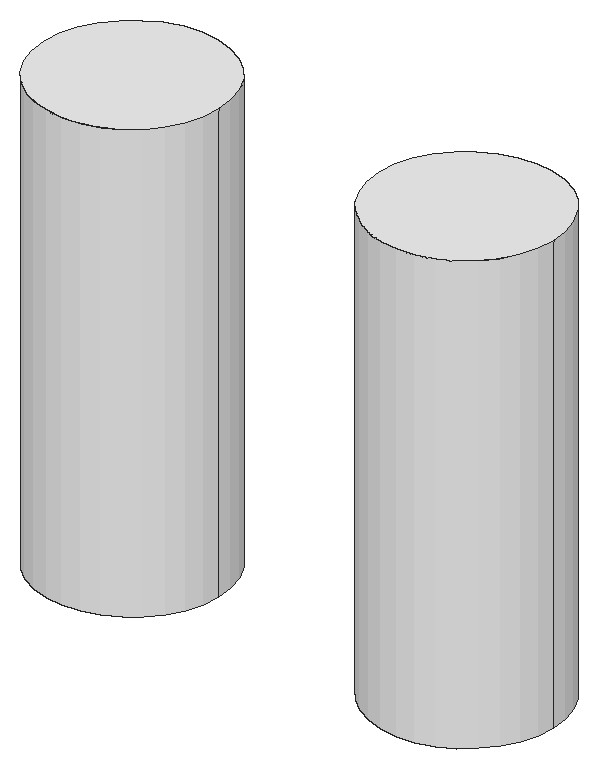
Revit family "514822930037", category Plumbing Fixtures, Revit 2020
Family settings
  Round Connector Dimension = Use Diameter
  Part Type = Normal
  OmniClass Number = 23.45.55.00
  OmniClass Title = Sanitary Faucets, Wastes
  Work Plane-Based = No
  Always vertical = Yes
  Cut with Voids When Loaded = No
  Shared = No
  Room Calculation Point = No
Parameters (values of type "514822930037 Kitchen faucet")
  Working Pressure = "50 - 1000 kPa"
  WarrantyStartDate [instance] = "n/a"
  WarrantyGuarantorParts = "n/a"
  WarrantyGuarantorLabor = "n/a"
  WarrantyDurationUnit = "Year"
  WarrantyDurationParts = "n/a"
  WarrantyDurationLabor = "n/a"
  WarrantyDescription = "http://warranty.hansa.com"
  Warranty Information URL = "http://warranty.hansa.com"
  VersionDate = "01/06/2023"
  Version = "1"
  ValvePattern = "n/a"
  ValveOperation = "n/a"
  ValveMechanism = "n/a"
  Uniclass2015Reference = "Pr_40_20_87_96"
  Uniclass2015Description = "Washbasin manual water supply sets"
  Uniclass2 = "Pr_40_30_96_96"
  URL REACH = "http://static.hansa.com/doc/reach"
  URL Materials Declaration = "http://www.hansa.com/fileadmin/resources/181985_514822930037_materialsdeclaration.pdf"
  URL Global Mark = "http://static.hansa.com/Globalmark/514822930037"
  URL Environmental Product Declaration EPD = "http://www.hansa.com/fileadmin/resources/184519_EPD_Kitchen faucet.pdf"
  URL EcoLabel Declaration = "http://static.hansa.com/doc/EcoLabel"
  URL EU Packaging Declaration = "http://static.hansa.com/doc/packaging"
  URL Declaration of SCIP = "http://static.hansa.com/doc/SCIP"
  URL Declaration of Conformity = "http://static.hansa.com/DoC/514822930037"
  URL Declaration of Asbestos = "http://static.hansa.com/doc/asbestos"
  URL Declaration Of Performance (DOP) = "http://static.hansa.com/doc/DoP"
  URL = ""
  UNSPSC Class Number = "30181700 Faucets or taps"
  Type Comments = ""
  TestPressure = "n/a"
  Temperature Adjustments = "Limitation option for maximum temperature and flow-rate ;Adjustable hot water stop (included, retrofittable)"
  Temperature = "Temperature limiter;Temperature limiter (retrofittable)"
  Technical DataSheet URL = "http://www.hansa.com/datasheet/514822930037/en"
  TagNumber [instance] = "n/a"
  SustainabilityPerformance = "n/a"
  Surface treatment = "Chrome"
  Spout Type = "Swivel spout;Swivel range limiting option"
  Spout Swivel Range = "120°"
  Spout Projection = "216 mm"
  Spare-Part Information URL = "http://static.hansa.com/sp/514822930037"
  Size = "51x255x168 mm"
  Shape = "Sculptured"
  SerialNumber [instance] = "n/a"
  Sales Package dimensions (LxWxH) = "362 x 278 x 63"
  Revision = "n/a"
  ReplacementCost = "n/a"
  ProductInformation = "n/a"
  Product URL = "http://static.hansa.com/514822930037"
  Product Image URL = "http://static.hansa.com/image/514822930037"
  Product Family = "HANSAPOLO "
  Product Code = "514822930037"
  OperatingMechanismMaterial = "n/a"
  NominalWidth = 51 mm
  NominalHeight = 168 mm
  NominalDepth = 255 mm
  Name_en = "514822930037 Kitchen faucet"
  Name = "514822930037 Kitchen faucet"
  NBSReference = "45-35-70/371"
  NBSDescription = "Water supply fittings for wash basins and troughs"
  Mounting Holes = "1 hole"
  ModelReference = "514822930037"
  ModelNumber = "n/a"
  Model = "514822930037 Kitchen faucet"
  Mobile Product Information URL = "http://mpi.hansa.com/514822930037"
  Mechanical Parts = "ø 35 mm ceramic cartridge for flow and temperature control"
  Max. Hot Water Supply = 70 °C
  Material = "Brass"
  Market = "International;Australia"
  ManufacturerURL = "http://www.hansa.com"
  ManufacturerName = "HANSA"
  Manufacturer = "HANSA"
  Lever Handle = "Hot/Cold symbols;Single operating lever/handle"
  Interactive AR View URL = "https://static.hansa.com/AR/514822930037"
  InstallationDate [instance] = "n/a"
  Installation and Maintenance Guide URL = "http://static.hansa.com/manual/514822930037"
  Installation Type = "Deck mounted"
  InletConnectionSize = 12 mm
  IfcExportType = "FAUCET"  # constant formula
  IfcExportAs = "IfcValveType"  # constant formula
  Group = "Kitchen faucet"
  Grade = "n/a"
  FlowCoefficient = 0
  Flow Rate At 300kPa With Flow Controller = 0.12 L/s
  Flow Drawing URL = "http://static.hansa.com/flowchart/514822930037"
  Finish = "Polished"
  Features = "Single-lever"
  FaucetMainMaterial = Brass
  FDV Document URL = "http://www.hansa.com/datasheet/514822930037/en/fdv"
  ExpectedLife = "n/a"
  ETIM Class Number = "EC011431 Kitchen mixing tap"
  EN Standard = "EN 817"
  EAN Number = "4057304002878"
  DurationUnit = "Year"
  Dimension Drawing URL = "http://static.hansa.com/dimdrw/514822930037"
  Description = ""
  DefaultElevation [instance] = 900 mm
  Default Elevation = 0 mm
  Constituents = "n/a"
  Connection Size = "G1/2"
  Connection = "Flexible inlet pipes"
  Color = "Chrome"
  CodePerformance = "n/a"
  CloseOffRating = 0
  Certificate Global Mark = "GM-WM-040199-I02-R00"
  Category = "Kitchen"
  Catalog Drawing URL = "http://static.hansa.com/catdrw/514822930037"
  CO2 Emissions (D) = -5.67
  CO2 Emissions (C4) = 0.3
  CO2 Emissions (C3) = 0.02
  CO2 Emissions (C2) = 0.01
  CO2 Emissions (B7) = 2836.8
  CO2 Emissions (A4) = 0.2
  CO2 Emissions (A1-A3) = 10.02
  Brand = "HANSA"
  BodyMaterial = "Brass"
  Barcode [instance] = "n/a"
  Backflow Prevention EN1717 = "AA"
  BIMObjectName = "514822930037(2020)"
  Author = "BIMStone"
  AssetType = "Fixed"
  AssetIdentifier [instance] = "n/a"
  Aerator = "PCA® - constant flow rate regardless of pressure variations"
  Advanced Features = "Rapid installation system"
  AccessibilityPerformance = "n/a"
  3D View = "https://static.hansa.com/AR/514822930037"
  2D/3D/BIM Files URL = "http://static.hansa.com/bim/514822930037"
Reference planes
  plane 1 "Center (Front/Back)": y = 0
  plane 2: z = 0
  plane 3 "Center (Left/Right)": x = 0
  plane 4: x = -25.5
  plane 5: z = 1068
  plane 6: z = 900
  plane 7: z = 870
  plane 8: y = -255
  plane 9: x = 25.5
Forms (mm)
  Extrusion 1, solid, material "Brass" <- "FaucetMainMaterial"
    sketch origin (0, -3, 0) x (1, 0, 0) y (0, 1, 0)
      loop
        circle (-11.5, -22.5) r 6
      loop
        circle (11.5, -22.5) r 6
    from 870 to 900
  Extrusion 2, solid, material "Brass" <- "FaucetMainMaterial", detail levels medium
    sketch origin (0, 0, 0) x (0, 1, 0) y (0, 0, 1)
      loop
        line (0, 900) -> (0, 1058.08) -> (-61.322, 1065.36) -> (-111.697, 1068)
        arc (-111.697, 1068) -> (-112.791, 1067.626) -> (-113.167, 1066.532) r 1.316
        line (-113.167, 1066.532) -> (-112.909, 1064.448)
        arc (-112.909, 1064.448) -> (-111.629, 1061.855) -> (-109.013, 1060.622) r 4.388
        line (-109.013, 1060.622) -> (-51, 1054.525) -> (-51, 993.034)
        arc (-51, 993.034) -> (-52.761, 993.574) -> (-54.465, 994.275) r 19.937
        line (-54.465, 994.275) -> (-135.431, 1032.03)
        arc (-135.431, 1032.03) -> (-162.315, 1042.283) -> (-190.393, 1048.572) r 200
        line (-190.393, 1048.572) -> (-248.818, 1057.304)
        arc (-248.818, 1057.304) -> (-251.086, 1056.882) -> (-252.314, 1054.93) r 2.875
        line (-252.314, 1054.93) -> (-255, 1037.009) -> (-252.234, 1036.594) -> (-252.899, 1032.154) -> (-229.163, 1028.596) -> (-228.347, 1034.037) -> (-193.277, 1028.781)
        arc (-193.277, 1028.781) -> (-168.045, 1023.121) -> (-143.883, 1013.904) r 180
        line (-143.883, 1013.904) -> (-51, 970.592) -> (-51, 900) -> (0, 900)
    from 25.5 to -25.5
  Extrusion 3, solid, material "Brass", detail levels coarse
    sketch origin (0, 0, 0) x (1, 0, 0) y (0, 1, 0)
      loop
        line (-25.5, 0) -> (-25.5, -255) -> (25.5, -255) -> (25.5, 0) -> (-25.5, 0)
    from 900 to 1068
Lines and regions (mm)
  symbolic lines, detail levels medium+fine
    curve 1: line (0, 0, 900) -> (0, -51, 900)
    curve 2: line (0, -51, 900) -> (0, -51, 947.5)
    curve 3: line (0, -50.702, 970.453) -> (0, -143.883, 1013.904)
    curve 4: arc (0, -143.883, 1013.904) -> (0, -168.045, 1023.121) -> (0, -193.277, 1028.781) r 180
    curve 5: line (0, -193.277, 1028.781) -> (0, -225.171, 1033.561)
    curve 6: line (0, -229.163, 1028.596) -> (0, -228.497, 1033.037)
    curve 7: line (0, -252.234, 1036.594) -> (0, -252.899, 1032.154)
    curve 8: line (0, -252.899, 1032.154) -> (0, -229.163, 1028.596)
    curve 10: line (0, -225.321, 1032.561) -> (0, -225.171, 1033.561)
    curve 11: line (0, -252.234, 1036.594) -> (0, -255, 1037.009)
    curve 12: line (0, -255, 1037.009) -> (0, -252.314, 1054.93)
    curve 13: arc (0, -252.314, 1054.93) -> (0, -251.086, 1056.882) -> (0, -248.818, 1057.304) r 2.875
    curve 14: line (0, -248.818, 1057.304) -> (0, -190.393, 1048.572)
    curve 15: arc (0, -190.393, 1048.572) -> (0, -162.315, 1042.283) -> (0, -135.431, 1032.03) r 200
    curve 16: line (0, -135.431, 1032.03) -> (0, -54.465, 994.275)
    curve 17: arc (0, -54.465, 994.275) -> (0, -52.475, 993.474) -> (0, -50.41, 992.892) r 19.937
    curve 18: line (0, -50.007, 1023.96) -> (0, -50.41, 992.892)
    curve 19: line (0, -50.702, 970.453) -> (0, -51, 947.5)
    curve 20: line (0, 0, 900) -> (0, 0, 947.5)
    curve 21: line (0, -0.993, 1023.96) -> (0, 0, 947.5)
    curve 23: line (0, -228.497, 1033.037) -> (0, -225.321, 1032.561)
    curve 24: line (0, -0.993, 1023.96) -> (0, -2.721, 1023.96)
    curve 25: line (0, -49.846, 1026.8) -> (0, -48.006, 1026.8)
    curve 27: line (0, -48.304, 1023.96) -> (0, -48.006, 1026.8)
    curve 28: arc (0, -6.504, 1035.604) -> (0, -3.769, 1030.056) -> (0, -2.721, 1023.96) r 21.584
    curve 29: line (0, -49.846, 1026.8) -> (0, -48.267, 1049.382)
    curve 30: arc (0, -48.267, 1049.382) -> (0, -49.483, 1053.016) -> (0, -52.912, 1054.725) r 5.006
    curve 31: line (0, -52.912, 1054.725) -> (0, -109.013, 1060.622)
    curve 32: arc (0, -109.013, 1060.622) -> (0, -111.629, 1061.855) -> (0, -112.909, 1064.448) r 4.388
    curve 33: line (0, -112.909, 1064.448) -> (0, -113.167, 1066.532)
    curve 34: arc (0, -113.167, 1066.532) -> (0, -112.791, 1067.626) -> (0, -111.697, 1068) r 1.316
    curve 35: line (0, -111.697, 1068) -> (0, -61.322, 1065.36)
    curve 36: line (0, -61.322, 1065.36) -> (0, -4.446, 1058.607)
    curve 37: arc (0, -4.446, 1058.607) -> (0, -3.316, 1057.974) -> (0, -2.965, 1056.728) r 1.691
    curve 38: line (0, -2.965, 1056.728) -> (0, -1.647, 1037.869)
    curve 39: line (0, -6.504, 1035.604) -> (0, -1.647, 1037.869)
    curve 41: line (0, -48.304, 1023.96) -> (0, -50.007, 1023.96)
    curve 43: line (25.5, 0, 900) -> (-25.5, 0, 900)
    curve 44: line (-25.5, 0, 900) -> (-25.5, 0, 947.56)
    curve 45: line (-25.5, 0, 947.56) -> (-24.495, 0, 1023.96)
    curve 46: line (-24.362, 0, 1026.797) -> (-22.506, 0, 1026.797)
    curve 47: line (-24.495, 0, 1023.96) -> (-22.754, 0, 1023.96)
    curve 48: line (-24.362, 0, 1026.797) -> (-21.794, 0, 1058.814)
    curve 49: arc (-21.794, 0, 1058.814) -> (-21.406, 0, 1059.899) -> (-20.524, 0, 1060.641) r 2.211
    curve 50: arc (-20.524, 0, 1060.641) -> (-18.448, 0, 1061.525) -> (-16.319, 0, 1062.269) r 33.994
    curve 51: arc (-16.319, 0, 1062.269) -> (-15.779, 0, 1062.579) -> (-15.419, 0, 1063.089) r 1.442
    curve 52: arc (-15.419, 0, 1063.089) -> (-13.815, 0, 1065.638) -> (-11.468, 0, 1067.527) r 9.139
    curve 53: arc (-11.468, 0, 1067.527) -> (-10.657, 0, 1067.864) -> (-9.789, 0, 1068) r 3.707
    curve 54: line (-9.789, 0, 1068) -> (0, 0, 1068)
    curve 55: line (-22.506, 0, 1026.797) -> (-22.754, 0, 1023.96)
    curve 59: line (25.5, 0, 900) -> (25.5, 0, 947.56)
    curve 60: line (25.5, 0, 947.56) -> (24.495, 0, 1023.96)
    curve 61: line (24.362, 0, 1026.797) -> (22.506, 0, 1026.797)
    curve 62: line (24.495, 0, 1023.96) -> (22.754, 0, 1023.96)
    curve 63: line (24.362, 0, 1026.797) -> (21.794, 0, 1058.814)
    curve 64: arc (21.794, 0, 1058.814) -> (21.406, 0, 1059.899) -> (20.524, 0, 1060.641) r 2.211
    curve 65: arc (20.524, 0, 1060.641) -> (18.448, 0, 1061.525) -> (16.319, 0, 1062.269) r 33.994
    curve 66: arc (16.319, 0, 1062.269) -> (15.779, 0, 1062.579) -> (15.419, 0, 1063.089) r 1.442
    curve 67: arc (15.419, 0, 1063.089) -> (13.815, 0, 1065.638) -> (11.468, 0, 1067.527) r 9.139
    curve 68: arc (11.468, 0, 1067.527) -> (10.657, 0, 1067.864) -> (9.789, 0, 1068) r 3.707
    curve 69: line (9.789, 0, 1068) -> (0, 0, 1068)
    curve 70: line (22.506, 0, 1026.797) -> (22.754, 0, 1023.96)
    curve 83: line (-15, -239.534, 0) -> (-15, -59.645, 0)
    curve 84: line (15, -239.534, 0) -> (15, -59.645, 0)
    curve 85: spline (-15, -239.534, 0) -> (-14.489, -243.537, 0) -> (-12.99, -247.267, 0) -> (-10.607, -250.47, 0) -> (-7.5, -252.928, 0) -> (-3.882, -254.473, 0) -> (0, -255, 0) -> (3.882, -254.473, 0) -> (7.5, -252.928, 0) -> (10.607, -250.47, 0) -> (12.99, -247.267, 0) -> (14.489, -243.537, 0) -> (15, -239.534, 0)
    curve 91: arc (-15.824, -46.935, 0) -> (-15.892, -46.144, 0) -> (-15.994, -45.357, 0) r 18.815
    curve 95: arc (15.832, -46.938, 0) -> (15.9, -46.152, 0) -> (16.001, -45.369, 0) r 18.811
    curve 96: line (-15, -59.645, 0) -> (-15.824, -46.935, 0)
    curve 97: line (15, -59.645, 0) -> (15.832, -46.938, 0)
    curve 98: arc (16.001, -45.369, 0) -> (0.021, -0.018, 0) -> (-15.994, -45.357, 0) r 25.494
  symbolic lines, detail levels fine
    curve 9: line (0, -252.234, 1036.594) -> (0, -228.497, 1033.037)
    curve 22: line (0, 0, 947.5) -> (0, -51, 947.5)
    curve 26: line (0, -25.383, 1026.8) -> (0, -6.504, 1035.604)
    curve 40: line (0, -48.006, 1026.8) -> (0, -25.383, 1026.8)
    curve 42: line (0, -2.721, 1023.96) -> (0, -48.304, 1023.96)
    curve 56: line (-15, 0, 970.474) -> (-15, 0, 1054.085)
    curve 57: line (-22.506, 0, 1026.797) -> (-15, 0, 1026.797)
    curve 58: line (-22.754, 0, 1023.96) -> (-15, 0, 1023.96)
    curve 71: line (22.506, 0, 1026.797) -> (15, 0, 1026.797)
    curve 72: line (22.754, 0, 1023.96) -> (15, 0, 1023.96)
    curve 73: line (-25.5, 0, 947.56) -> (25.5, 0, 947.56)
    curve 74: spline (-15, 0, 1054.085) -> (-14.489, 0, 1054.949) -> (-12.99, 0, 1055.755) -> (-10.607, 0, 1056.447) -> (-7.5, 0, 1056.978) -> (-3.882, 0, 1057.312) -> (0, 0, 1057.426) -> (3.882, 0, 1057.312) -> (7.5, 0, 1056.978) -> (10.607, 0, 1056.447) -> (12.99, 0, 1055.755) -> (14.489, 0, 1054.949) -> (15, 0, 1054.085)
    curve 75: arc (-13.012, 0, 968.978) -> (-14.379, 0, 969.231) -> (-15, 0, 970.474) r 1.557
    curve 76: arc (13.012, 0, 968.978) -> (14.379, 0, 969.231) -> (15, 0, 970.474) r 1.557
    curve 77: arc (-13.012, 0, 968.978) -> (0, 0, 970.816) -> (13.012, 0, 968.978) r 47.003
    curve 78: spline (11.961, 0, 1030.3) -> (11.554, 0, 1029.845) -> (10.359, 0, 1029.421) -> (8.458, 0, 1029.058) -> (5.981, 0, 1028.778) -> (3.096, 0, 1028.603) -> (0, 0, 1028.543) -> (-3.096, 0, 1028.603) -> (-5.981, 0, 1028.778) -> (-8.458, 0, 1029.058) -> (-10.359, 0, 1029.421) -> (-11.554, 0, 1029.845) -> (-11.961, 0, 1030.3) -> (-11.554, 0, 1030.754) -> (-10.359, 0, 1031.178) -> (-8.458, 0, 1031.542) -> (-5.981, 0, 1031.821) -> (-3.096, 0, 1031.997) -> (0, 0, 1032.056) -> (3.096, 0, 1031.997) -> (5.981, 0, 1031.821) -> (8.458, 0, 1031.542) -> (10.359, 0, 1031.178) -> (11.554, 0, 1030.754) -> (11.961, 0, 1030.3)
    curve 79: spline (-11.961, 0, 1034.779) -> (-11.554, 0, 1035.234) -> (-10.359, 0, 1035.658) -> (-8.458, 0, 1036.021) -> (-5.981, 0, 1036.301) -> (-3.096, 0, 1036.476) -> (0, 0, 1036.536) -> (3.096, 0, 1036.476) -> (5.981, 0, 1036.301) -> (8.458, 0, 1036.021) -> (10.359, 0, 1035.658) -> (11.554, 0, 1035.234) -> (11.961, 0, 1034.779)
    curve 80: line (-11.961, 0, 1030.3) -> (-11.961, 0, 1034.779)
    curve 81: line (11.961, 0, 1034.779) -> (11.961, 0, 1030.3)
    curve 82: spline (11.961, 0, 1033.769) -> (14.424, 0, 1034.526) -> (14.937, 0, 1035.369) -> (13.431, 0, 1036.183) -> (10.109, 0, 1036.859) -> (5.421, 0, 1037.304) -> (0, 0, 1037.46) -> (-5.421, 0, 1037.304) -> (-10.109, 0, 1036.859) -> (-13.431, 0, 1036.183) -> (-14.937, 0, 1035.369) -> (-14.424, 0, 1034.526) -> (-11.961, 0, 1033.769)
    curve 86: spline (-15, -239.534, 0) -> (-14.489, -242.782, 0) -> (-12.99, -245.808, 0) -> (-10.607, -248.407, 0) -> (-7.5, -250.401, 0) -> (-3.882, -251.655, 0) -> (0, -252.082, 0) -> (3.882, -251.655, 0) -> (7.5, -250.401, 0) -> (10.607, -248.407, 0) -> (12.99, -245.808, 0) -> (14.489, -242.782, 0) -> (15, -239.534, 0)
    curve 87: arc (19.099, -37.489, 0) -> (0, -2.95, 0) -> (-19.099, -37.489, 0) r 22.55
    curve 88: line (0, -113.165, 0) -> (-6.461, -113.165, 0)
    curve 89: arc (-6.461, -113.165, 0) -> (-10.086, -111.77, 0) -> (-11.84, -108.304, 0) r 5.407
    curve 90: line (-11.84, -108.304, 0) -> (-15, -59.645, 0)
    curve 92: line (0, -113.165, 0) -> (6.461, -113.165, 0)
    curve 93: arc (6.461, -113.165, 0) -> (10.086, -111.77, 0) -> (11.84, -108.304, 0) r 5.407
    curve 94: line (11.84, -108.304, 0) -> (15, -59.645, 0)
    curve 99: arc (-19.099, -37.489, 0) -> (-17.182, -41.279, 0) -> (-15.994, -45.357, 0) r 23.03
    curve 100: arc (19.099, -37.489, 0) -> (17.182, -41.279, 0) -> (15.994, -45.357, 0) r 23.03
    curve 101: line (15, 0, 970.474) -> (15, 0, 1054.085)
    curve 102: line (-15.779, 0, 1062.579) -> (-15.779, 0, 1058.287)
    curve 103: arc (-15.779, 0, 1058.287) -> (-15.347, 0, 1056.539) -> (-14.151, 0, 1055.193) r 3.756
    curve 104: line (15.779, 0, 1062.579) -> (15.779, 0, 1058.287)
    curve 105: arc (15.779, 0, 1058.287) -> (15.347, 0, 1056.539) -> (14.151, 0, 1055.193) r 3.756
Dimensions and locks
  "NominalHeight": plane 5 to plane 6
  "DefaultElevation": plane 6 to level
  locked: plane 6 to plane 7 at 30
  "NominalDepth": plane 8 to plane 1 "Center (Front/Back)"
  equal spacing: plane 4, plane 3 "Center (Left/Right)", plane 9
  "NominalWidth": plane 4 to plane 9
  "InletConnectionSize": diameter of Extrusion 1 sketch curve  (x2)
  aligned and locked: level to plane 2
  aligned and locked: plane 6 to Extrusion 1
  aligned and locked: Extrusion 1 to plane 7
  aligned and locked: plane 5 to Extrusion 3
  aligned and locked: Extrusion 3 to plane 6
  aligned and locked: plane 6 to import instance
Automatic sketch dimensions
  curve 88 to plane 3 "Center (Left/Right)" = 0 mm
  curve 85 to plane 3 "Center (Left/Right)" = 0 mm
  curve 87 to plane 3 "Center (Left/Right)" = 0 mm
  curve 89 to plane 3 "Center (Left/Right)" = 6.461 mm
  curve 90 to curve 89 = 5.379 mm
  plane 4 to curve 90 = 10.5 mm
  plane 4 to curve 96 = 9.676 mm
  curve 91 to plane 4 = 9.1 mm
  curve 99 to curve 91 = 4.004 mm
  plane 3 "Center (Left/Right)" to curve 98 = 0.011 mm
  plane 3 "Center (Left/Right)" to curve 93 = 6.461 mm
  curve 93 to curve 94 = 5.379 mm
  plane 9 to curve 97 = 9.668 mm
  curve 95 to plane 9 = 9.103 mm
  curve 95 to curve 100 = 4 mm
  curve 83 to plane 8 = 15.466 mm
  curve 89 to curve 90 = 4.861 mm
  curve 92 to curve 94 = 4.861 mm
  curve 89 to curve 96 = 48.659 mm
  curve 83 to curve 94 = 0 mm
  curve 83 to curve 99 = 9.911 mm
  curve 84 to curve 100 = 9.911 mm
  curve 100 to curve 95 = 1.574 mm
  curve 99 to curve 91 = 1.58 mm
  curve 84 to curve 97 = 12.706 mm
  plane 1 "Center (Front/Back)" to curve 98 = 25.512 mm
  curve 98 to curve 87 = 0.012 mm
  curve 98 to curve 96 = 0.17 mm
  curve 87 to curve 99 = 0 mm
  curve 100 to curve 95 = 0.007 mm
  plane 9 to curve 100 = 6.401 mm
  curve 87 to curve 100 = 0 mm
  curve 95 to curve 100 = 0.012 mm
  Extrusion 3 sketch curve to plane 4 = 0 mm
  plane 8 to Extrusion 3 sketch curve = 0 mm
  Extrusion 3 sketch curve to plane 9 = 0 mm
  plane 1 "Center (Front/Back)" to Extrusion 3 sketch curve = 0 mm
  curve 11 to plane 8 = 0 mm
  curve 34 to plane 5 = 0 mm
  curve 1 to plane 6 = 0 mm
  curve 20 to plane 1 "Center (Front/Back)" = 0 mm
  curve 8 to plane 8 = 2.101 mm
  curve 12 to plane 8 = 2.686 mm
  curve 7 to plane 8 = 2.766 mm
  curve 13 to curve 13 = 2.844 mm
  curve 13 to curve 14 = 0.652 mm
  curve 7 to curve 8 = 23.737 mm
  curve 6 to curve 23 = 3.177 mm
  curve 10 to curve 10 = 0.15 mm
  curve 4 to plane 8 = 35.045 mm
  curve 4 to curve 15 = 0 mm
  curve 5 to curve 5 = 31.894 mm
  curve 14 to plane 5 = 19.428 mm
  curve 5 to curve 14 = 2.884 mm
  curve 3 to plane 5 = 54.096 mm
  curve 4 to curve 3 = 49.394 mm
  curve 16 to plane 5 = 35.97 mm
  curve 4 to curve 16 = 8.452 mm
  curve 33 to plane 5 = 1.468 mm
  curve 15 to curve 33 = 22.264 mm
  curve 33 to plane 5 = 3.552 mm
  curve 33 to curve 33 = 0.258 mm
  curve 34 to plane 5 = 1.306 mm
  curve 33 to curve 34 = 1.306 mm
  curve 31 to plane 5 = 7.378 mm
  curve 32 to curve 31 = 3.897 mm
  curve 32 to plane 5 = 3.014 mm
  curve 36 to plane 5 = 2.64 mm
  curve 32 to curve 36 = 47.232 mm
  plane 1 "Center (Front/Back)" to curve 16 = 54.465 mm
  curve 35 to curve 30 = 8.061 mm
  curve 31 to plane 5 = 13.275 mm
  curve 30 to curve 31 = 0.349 mm
  curve 17 to curve 22 = 3.465 mm
  curve 2 to curve 19 = 0.298 mm
  curve 16 to curve 18 = 4.054 mm
  curve 30 to curve 41 = 3.254 mm
  curve 18 to curve 25 = 0.161 mm
  curve 18 to curve 42 = 1.703 mm
  curve 29 to plane 5 = 18.618 mm
  curve 30 to curve 29 = 4.994 mm
  curve 25 to curve 25 = 1.841 mm
  curve 27 to curve 17 = 2.265 mm
  curve 25 to curve 26 = 22.622 mm
  curve 26 to curve 28 = 1.086 mm
  plane 1 "Center (Front/Back)" to curve 39 = 6.504 mm
  plane 1 "Center (Front/Back)" to curve 37 = 4.645 mm
  curve 37 to curve 36 = 0.199 mm
  curve 37 to curve 38 = 1.68 mm
  plane 1 "Center (Front/Back)" to curve 24 = 2.721 mm
  plane 1 "Center (Front/Back)" to curve 39 = 1.647 mm
  plane 1 "Center (Front/Back)" to curve 21 = 0.993 mm
  curve 15 to curve 4 = 0 mm
  plane 6 to curve 22 = 47.5 mm
  curve 2 to curve 3 = 22.953 mm
  curve 3 to curve 18 = 22.439 mm
  curve 17 to curve 16 = 1.383 mm
  curve 17 to curve 28 = 11.042 mm
  curve 17 to curve 27 = 11.616 mm
  curve 28 to curve 26 = 3.414 mm
  curve 8 to curve 5 = 0.185 mm
  curve 26 to curve 39 = 2.265 mm
  curve 13 to curve 13 = 0.426 mm
  curve 38 to plane 5 = 11.272 mm
  curve 38 to curve 37 = 0.199 mm
  curve 43 to plane 4 = 0 mm
  curve 54 to plane 5 = 0 mm
  curve 54 to plane 3 "Center (Left/Right)" = 0 mm
  curve 79 to plane 3 "Center (Left/Right)" = 0 mm
  curve 74 to plane 3 "Center (Left/Right)" = 0 mm
  curve 77 to plane 3 "Center (Left/Right)" = 0 mm
  curve 82 to plane 3 "Center (Left/Right)" = 0 mm
  plane 9 to curve 73 = 0 mm
  curve 43 to plane 6 = 0 mm
  plane 4 to curve 45 = 1.005 mm
  plane 4 to curve 46 = 1.138 mm
  curve 45 to curve 47 = 1.74 mm
  curve 46 to curve 57 = 1.856 mm
  plane 4 to curve 48 = 3.706 mm
  curve 49 to curve 49 = 2.203 mm
  curve 49 to curve 51 = 2.841 mm
  curve 49 to curve 102 = 3.812 mm
  plane 4 to curve 56 = 10.5 mm
  curve 56 to curve 75 = 1.557 mm
  curve 102 to curve 103 = 3.756 mm
  curve 57 to curve 80 = 3.039 mm
  curve 102 to curve 54 = 5.99 mm
  curve 53 to curve 53 = 0.137 mm
  curve 103 to curve 52 = 5.034 mm
  curve 80 to curve 50 = 5.785 mm
  curve 65 to curve 78 = 5.785 mm
  plane 3 "Center (Left/Right)" to curve 67 = 6.989 mm
  curve 67 to curve 68 = 2.662 mm
  curve 68 to curve 69 = 0.137 mm
  curve 105 to curve 101 = 2.977 mm
  curve 76 to curve 76 = 1.557 mm
  curve 105 to curve 104 = 3.756 mm
  curve 104 to curve 66 = 0.971 mm
  curve 104 to curve 64 = 3.812 mm
  curve 64 to curve 63 = 2.203 mm
  plane 9 to curve 61 = 2.994 mm
  plane 9 to curve 62 = 2.746 mm
  plane 9 to curve 61 = 1.138 mm
  plane 9 to curve 62 = 1.005 mm
  plane 6 to curve 77 = 23.813 mm
  curve 77 to curve 45 = 23.747 mm
  curve 59 to curve 76 = 22.914 mm
  curve 44 to curve 75 = 22.914 mm
  curve 47 to plane 5 = 44.04 mm
  curve 62 to curve 58 = 0 mm
  curve 47 to curve 57 = 2.837 mm
  curve 62 to curve 71 = 2.837 mm
  curve 71 to curve 65 = 3.026 mm
  curve 57 to curve 50 = 3.026 mm
  curve 65 to curve 81 = 4.956 mm
  curve 101 to plane 5 = 13.915 mm
  curve 101 to curve 105 = 4.203 mm
  curve 74 to curve 103 = 4.203 mm
  curve 102 to curve 49 = 0.35 mm
  curve 104 to curve 64 = 0.35 mm
  curve 64 to curve 63 = 0.177 mm
  curve 49 to curve 48 = 0.177 mm
  curve 105 to curve 67 = 1.274 mm
  curve 103 to curve 52 = 1.274 mm
  curve 66 to plane 5 = 4.355 mm
  curve 51 to plane 5 = 4.355 mm
  curve 53 to plane 5 = 3.705 mm
  curve 68 to plane 5 = 3.705 mm
  curve 50 to curve 49 = 0 mm
  curve 51 to curve 50 = 0 mm
  curve 52 to curve 51 = 0 mm
  curve 74 to curve 103 = 0.849 mm
  curve 77 to curve 75 = 0 mm
  curve 67 to curve 68 = 0 mm
  curve 79 to curve 82 = 3.039 mm
  curve 66 to curve 67 = 0 mm
  curve 65 to curve 66 = 0 mm
  curve 81 to curve 79 = 4.48 mm
  curve 80 to curve 79 = 4.48 mm
  curve 78 to curve 79 = 4.48 mm
  curve 82 to curve 79 = 1.01 mm
  curve 79 to curve 82 = 0.379 mm
  Extrusion 2 sketch curve to plane 8 = 0 mm
  Extrusion 2 sketch curve to plane 5 = 0 mm
  Extrusion 2 sketch curve to plane 6 = 0 mm
  Extrusion 2 sketch curve to plane 1 "Center (Front/Back)" = 0 mm
  Extrusion 2 sketch curve to plane 8 = 2.101 mm
  Extrusion 2 sketch curve to plane 8 = 2.686 mm
  Extrusion 2 sketch curve to plane 8 = 2.766 mm
  Extrusion 2 sketch curve to Extrusion 2 sketch curve = 2.844 mm
  Extrusion 2 sketch curve to Extrusion 2 sketch curve = 0.652 mm
  Extrusion 2 sketch curve to Extrusion 2 sketch curve = 23.737 mm
  Extrusion 2 sketch curve to Extrusion 2 sketch curve = 0.815 mm
  Extrusion 2 sketch curve to plane 8 = 35.045 mm
  Extrusion 2 sketch curve to Extrusion 2 sketch curve = 0 mm  (x2)
  Extrusion 2 sketch curve to Extrusion 2 sketch curve = 35.07 mm
  Extrusion 2 sketch curve to plane 5 = 19.428 mm
  Extrusion 2 sketch curve to Extrusion 2 sketch curve = 2.884 mm
  Extrusion 2 sketch curve to plane 5 = 54.096 mm
  Extrusion 2 sketch curve to Extrusion 2 sketch curve = 49.394 mm
  Extrusion 2 sketch curve to plane 5 = 35.97 mm
  Extrusion 2 sketch curve to Extrusion 2 sketch curve = 8.452 mm
  Extrusion 2 sketch curve to plane 5 = 1.468 mm
  Extrusion 2 sketch curve to Extrusion 2 sketch curve = 22.264 mm
  Extrusion 2 sketch curve to plane 5 = 3.552 mm
  Extrusion 2 sketch curve to Extrusion 2 sketch curve = 0.258 mm
  Extrusion 2 sketch curve to Extrusion 2 sketch curve = 1.306 mm
  Extrusion 2 sketch curve to Extrusion 2 sketch curve = 0.164 mm
  Extrusion 2 sketch curve to plane 5 = 7.378 mm
  Extrusion 2 sketch curve to Extrusion 2 sketch curve = 3.897 mm
  Extrusion 2 sketch curve to plane 5 = 3.014 mm
  Extrusion 2 sketch curve to plane 5 = 2.64 mm
  Extrusion 2 sketch curve to Extrusion 2 sketch curve = 47.232 mm
  plane 1 "Center (Front/Back)" to Extrusion 2 sketch curve = 54.465 mm
  plane 1 "Center (Front/Back)" to Extrusion 2 sketch curve = 51 mm
  Extrusion 2 sketch curve to Extrusion 2 sketch curve = 10.322 mm
  Extrusion 2 sketch curve to Extrusion 2 sketch curve = 8.426 mm
  Extrusion 2 sketch curve to Extrusion 2 sketch curve = 70.592 mm
  Extrusion 2 sketch curve to Extrusion 2 sketch curve = 22.442 mm
  Extrusion 2 sketch curve to Extrusion 2 sketch curve = 1.241 mm
  Extrusion 2 sketch curve to Extrusion 2 sketch curve = 0.185 mm
  Extrusion 2 sketch curve to Extrusion 2 sketch curve = 0.426 mm
  Extrusion 2 sketch curve to plane 5 = 13.475 mm
  Extrusion 2 sketch curve to plane 5 = 9.92 mm
  Extrusion 1 sketch curve to plane 3 "Center (Left/Right)" = 11.5 mm
  plane 3 "Center (Left/Right)" to Extrusion 1 sketch curve = 11.5 mm
  plane 1 "Center (Front/Back)" to Extrusion 1 sketch curve = 25.5 mm  (x2)
Nested families
  nested 1: "Symbol" at (0, 0, 0), type "Symbol", detail levels coarse
Connectors
  piping at (-11.5, -25.5, 870), diameter 12, driven by "InletConnectionSize"
    settings: on Extrusion 1, index 1, connector inside diameter 609.6 mm, connector length 0 mm, flow factor 0, pipe flow 0.2 L/s, pressure drop 0.0 Pa, fitting loss kfactor 0, connector angle 0.00°, fixture units 0, engagement length 0 mm, angle of deflection 0.00°, flow configuration 1, flow direction 1, fitting loss method 0, system type 19, joint type 0, gender type 0, connector reference index -1, connector utility 0, adjustable connector no, is connector primary yes, connector description ""
  piping at (11.5, -25.5, 870), diameter 12, driven by "InletConnectionSize"
    settings: on Extrusion 1, index 2, connector inside diameter 609.6 mm, connector length 0 mm, flow factor 0, pipe flow 0.2 L/s, pressure drop 0.0 Pa, fitting loss kfactor 0, connector angle 0.00°, fixture units 0, engagement length 0 mm, angle of deflection 0.00°, flow configuration 1, flow direction 1, fitting loss method 0, system type 20, joint type 0, gender type 0, connector reference index -1, connector utility 0, adjustable connector no, is connector primary no, connector description ""
Definition of nested family "Symbol"
  Reference planes
    plane 1: y = 0
    plane 2: x = 0
  Lines and regions (mm)
    detail lines
      curve 1: line (0, 0, 0) -> (0, -1.8, 0)
      curve 2: line (-0.4, -1.1, 0) -> (0.4, -1.1, 0)
      curve 3: line (-0.4, -1.4, 0) -> (0.4, -1.4, 0)
      curve 4: line (0.863, 0, 0) -> (-0.863, 0, 0)
      curve 5: circle (-1.163, 0, 0) r 0.3 normal (0, 0, -1)
      curve 6: circle (1.163, 0, 0) r 0.3 normal (0, 0, 1)
